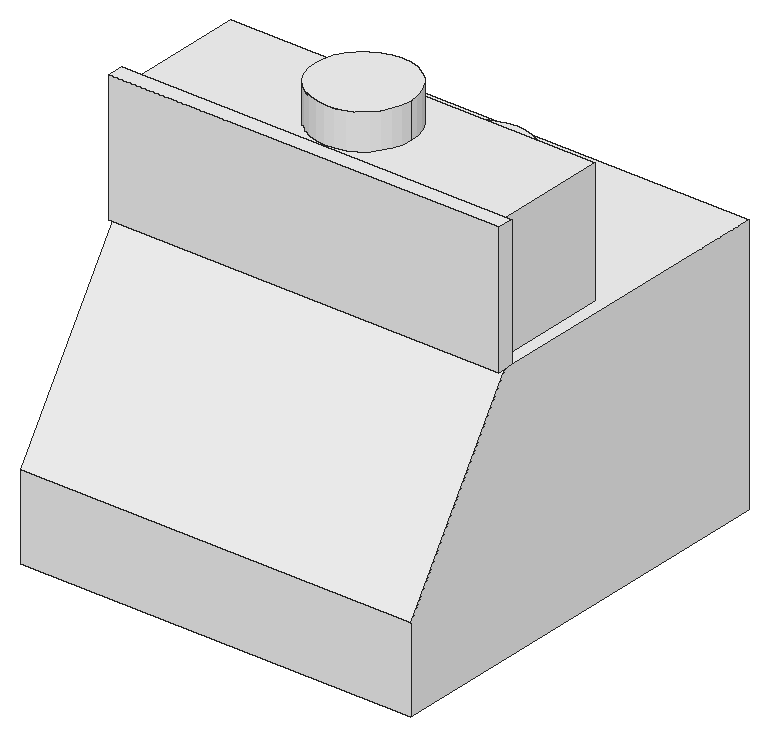
Revit family "レンジフードファン(ブース形自然給気タイプ)_6", category 機械設備, Revit 2019
Family settings
  丸型コネクタ寸法 = 直径を使用
  パーツ タイプ = 標準
  OmniClass 番号 = 23.75.35.17.27
  OmniClass タイトル = Centrifugal Fans
  作業面ベース = いいえ
  常に垂直 = はい
  ロード時にボイドで切り取り = いいえ
  共有 = いいえ
  部屋計算ポイント = いいえ
Parameters (values of type "V-604KQ9")
  騒音レベル(dB(A)) = 39
  風量 = 575.0 m³/h
  電源種別 [instance] = ""
  電圧 = 100 V
  電動機出力 = 0 W
  電動機_種別 = ""
  集中コントローラ = ""
  運転質量 = 0.00 kg
  連動 [instance] = ""
  質量 = if(製品質量 > 運転質量, 製品質量, 運転質量) * 1.2  # 23.40 kg
  負荷分類 = 3_ファン類
  説明 = "レンジフードファン 深形 自然給気タイプ"
  設計風量 = 0.0 m³/h
  設置方法 = "天吊"
  記号 [instance] = ""
  製造元 = "三菱電機株式会社"
  製品質量 = 19.50 kg
  製品出荷対象 = "国内"
  製品リリース年月 = "2022年6月1日"
  製品グループ = ""
  系統 [instance] = ""
  符号 = if(☑給気／□排気, "FS", "FE")  # "FE"
  積算_科目 = "2 換気設備"
  積算_拾い区分 [instance] = ""
  相 = 1
  盤記号 [instance] = ""
  発停方法 [instance] = ""
  特殊仕様 [instance] = ""
  火災停止 [instance] = ""
  消費電力 = 88 W
  法定耐用年数 = "15"
  機外静圧_排気 = 210.0 Pa
  機外静圧 = 0.0 Pa
  極数 = 2
  材質 [instance] = ""
  操作・制御方式 = ""
  操作・制御スイッチ = ""
  排気量 = 0.0 m³/h
  形式 = "片吸込形"
  幹線記号 [instance] = ""
  対象室 [instance] = ""
  実風量 = 0.0 m³/h
  始動方式 [instance] = "直入"
  天吊用穴_ピッチ = 480 mm
  天吊用穴_D = 255 mm
  外気量 = 0.0 m³/h
  呼称 = "遠心送風機"
  周波数 = 60 Hz
  参照している仕様書等のバージョン = ""
  分類コード = "50052503100060"
  分類グループ = ""
  価格 = 126600
  企業コード = "108420"
  付属品_フィルター_還気 = ""
  付属品_フィルター = ""
  付属品 [instance] = ""
  仕様書バージョン = "Version1.0"
  上幕板_左側面 = no
  上幕板_右側面 = no
  モデル = "V-604KQ9"
  マテリアル = 鋼板(白)
  ファンの種類 = ""
  ダクト径 = 150 mm
  コメント [instance] = ""
  Keynote = ""
  Assembly Code = ""
  ☑給気／□排気 = no
  Width = 600 mm
  W1 = Width / 2  # 300 mm
  Version = ""
  Uniclass2015Version = "Systems v1.9"
  Uniclass2015Title = "Centrifugal fans"
  Uniclass2015Code = "Pr_65_67_29_12"
  URL = "https://www.mitsubishielectric.co.jp/ldg/wink/ssl/displayProduct.do?pid=320915"
  SpecificationReference = ""
  SpecificationDescription = ""
  SAダクト接続口_左側面 = no
  SAダクト接続口_右後部 = no
  SAダクト接続口_右側面 = no
  SAサイズ_D = 148 mm
  Revision = ""
  ProductInformation = ""
  OmniClassCode = "23-33 31 19 13 15"
  H2 = 600 mm
  SAダクト接続口_左後部 = no
  MIN風量 = 225.0 m³/h
  MIN静圧 = 0.0 Pa
  MID風量 = 335.0 m³/h
  MID静圧 = 0.0 Pa
  MAX風量 = 575.0 m³/h
  MAX静圧 = 0.0 Pa
  IfcTypeProduct = ""
  IfcProduct = ""
  IfcExportType = "CENTRIFUGALFORWARDCURVED"
  IfcExportAs = "IfcFanType"
  Height = 400 mm
  H1 = 129 mm
  SAダクト接続口_上部 = yes
  EAサイズ_D = 148 mm
  Duct_Shutter_Width = 560 mm
  Duct_Shutter_Height = 190 mm
  Duct_Shutter_D = 270 mm
  Duct_SA_Pitch = 400 mm
  Duct_SA_D = 365 mm
  Duct_Height = 55 mm
  Duct_EA_D = 145 mm
  Duct_H = 500 mm
  Depth = 650 mm
  D3 = 160 mm
  D2 = 480 mm
  D1 = 469 mm
  Clearance Top = 0 mm
  Clearance Right = 0 mm
  Clearance Left = 0 mm
  Clearance Front = 0 mm
  Clearance Bottom = 0 mm
  Clearance Back = 0 mm
  Author = "三菱電機株式会社"
Types (3, lengths in mm): name | 騒音レベル(dB(A)) | 風量 | 質量 | 製品質量 | 消費電力 | 価格 | モデル | URL | H2 | MIN風量 | MID風量 | MAX風量
  V-604KQ9 | 39 | 575.0 m³/h | 23.40 kg | 19.50 kg | 88 W | 126600 | "V-604KQ9" | "https://www.mitsubishielectric.co.jp/ldg/wink/ssl/displayProduct.do?pid=320915" | 600 | 225.0 m³/h | 335.0 m³/h | 575.0 m³/h
  V-604KQ8-BL | 42 | 630.0 m³/h | 24.00 kg | 20.00 kg | 133 W | 122000 | "V-604KQ8-BL" | "https://www.mitsubishielectric.co.jp/ldg/wink/ssl/displayProduct.do?pid=320914" | 600 | 245.0 m³/h | 345.0 m³/h | 630.0 m³/h
  V-6047KQ8-BL | 42 | 630.0 m³/h | 24.00 kg | 20.00 kg | 133 W | 128700 | "V-6047KQ8-BL" | "https://www.mitsubishielectric.co.jp/ldg/wink/ssl/displayProduct.do?pid=320907" | 700 | 245.0 m³/h | 345.0 m³/h | 630.0 m³/h
Reference planes
  plane 1 "中心(正面/背面)": y = 0
  plane 2: z = 0
  plane 3 "中心(左/右)": x = 0
  plane 4: x = -300
  plane 5: x = 300
  plane 6: y = -650
  plane 7: z = -400
  plane 8: z = -271
  plane 9: y = -325
  plane 10: y = -469
  plane 11: y = -145
  plane 12: z = 200
  plane 13: y = -270
  plane 14: y = -480
  plane 15: x = 200
  plane 16: x = -200
  plane 17: z = 245
  plane 18: z = 100
  plane 19: y = -215
  plane 20: y = -365
  plane 21: z = 55
  plane 22: y = -255
  plane 23: x = -240
  plane 24: x = 240
  plane 25: x = -150
  plane 26: x = 150
  plane 27: y = -455
  plane 28: x = -280
  plane 29: x = 280
  plane 30: z = 190
  plane 31: y = -320
  plane 32: x = 335
  plane 33: x = -335
  plane 34: x = -285
  plane 35: x = 285
Forms (mm)
  Extrusion 1, solid, material "鋼板(白)" <- "マテリアル", detail levels fine
    sketch origin (0, 0, 0) x (1, 0, 0) y (0, 1, 0)
      loop
        line (-300, 0) -> (-300, -469) -> (300, -469) -> (300, 0) -> (-300, 0)
    from -400 to 0
  Blend 2, solid, material "鋼板(白)" <- "マテリアル", detail levels fine
    base sketch origin (0, 0, 0) x (1, 0, 0) y (0, 0, 1)
      loop
        line (-300, -400) -> (300, -400) -> (300, 0) -> (-300, 0) -> (-300, -400)
    top sketch origin (0, 0, 0) x (1, 0, 0) y (0, 0, 1)
      loop
        line (-300, -400) -> (300, -400) -> (300, -271) -> (-300, -271) -> (-300, -400)
    from 469 to 650
  Extrusion 3, solid, material "鋼板(白)" <- "マテリアル", detail levels fine
    sketch origin (0, 0, 0) x (1, 0, 0) y (0, 1, 0)
      loop
        circle (0, -145) r 74
    from 0 to 55
  Extrusion 4, solid, material "鋼板(白)" <- "マテリアル", detail levels fine
    sketch origin (0, 0, 0) x (1, 0, 0) y (0, 1, 0)
      loop
        line (-300, -455) -> (-300, -480) -> (300, -480) -> (300, -455) -> (-300, -455)
    from 0 to 200
  Extrusion 5, solid, material "鋼板(白)" <- "マテリアル", visible <- "SAダクト接続口_上部", detail levels fine
    sketch origin (0, 0, 0) x (1, 0, 0) y (0, 1, 0)
      loop
        circle (0, -365) r 74
    from 190 to 245
  Extrusion 6, solid, material "鋼板(白)" <- "マテリアル", visible <- "SAダクト接続口_左後部", detail levels fine
    sketch origin (0, 0, 0) x (1, 0, 0) y (0, 0, 1)
      loop
        circle (-200, 100) r 74
    from 215 to 270
  Extrusion 7, solid, material "鋼板(白)" <- "マテリアル", visible <- "SAダクト接続口_右後部", detail levels fine
    sketch origin (0, 0, 0) x (1, 0, 0) y (0, 0, 1)
      loop
        circle (200, 100) r 74
    from 215 to 270
  Extrusion 8, solid, material "鋼板(白)" <- "マテリアル"
    sketch origin (0, 0, 0) x (1, 0, 0) y (0, 1, 0)
      loop
        line (-280, -270) -> (-280, -455) -> (280, -455) -> (280, -270) -> (-280, -270)
    from 0 to 190
  Extrusion 9, solid, material "鋼板(白)" <- "マテリアル", visible <- "上幕板_左側面"
    sketch origin (0, 0, 0) x (1, 0, 0) y (0, 1, 0)
      loop
        line (-285, -455) -> (-285, -320) -> (-300, -320) -> (-300, -455) -> (-285, -455)
    from 0 to 200
  Extrusion 10, solid, material "鋼板(白)" <- "マテリアル", visible <- "上幕板_右側面"
    sketch origin (0, 0, 0) x (-1, 0, 0) y (0, -1, 0)
      loop
        line (-285, 455) -> (-300, 455) -> (-300, 320) -> (-285, 320) -> (-285, 455)
    from 0 to 200
  Extrusion 11, solid, material "鋼板(白)" <- "マテリアル", visible <- "SAダクト接続口_左側面"
    sketch origin (0, 0, 0) x (0, 1, 0) y (0, 0, 1)
      loop
        circle (-365, 100) r 74
    from -335 to -280
  Extrusion 12, solid, material "鋼板(白)" <- "マテリアル", visible <- "SAダクト接続口_右側面"
    sketch origin (0, 0, 0) x (0, 1, 0) y (0, 0, 1)
      loop
        circle (-365, 100) r 74
    from 280 to 335
Cuts and joins
  joined: Extrusion 1, Blend 2
Lines and regions (mm)
  Masking region 1, detail levels coarse+medium
    outline origin (1326.5, 29, 0) x (1, 0, 0) y (0, 1, 0)
      loop
        line (-1626.5, -29) -> (-1626.5, -679) -> (-1026.5, -679) -> (-1026.5, -29) -> (-1626.5, -29)
  symbolic lines, detail levels coarse+medium
    curve 1: circle (-150, -325, 0) r 150 normal (0, 0, 1)
    curve 2: circle (150, -325, 0) r 150 normal (0, 0, 1)
Dimensions and locks
  equal spacing: plane 4, plane 3 "中心(左/右)", plane 5
  "Width": plane 4 to plane 5
  equal spacing: plane 6, plane 9, plane 1 "中心(正面/背面)"
  "Depth": plane 1 "中心(正面/背面)" to plane 6
  "D1": plane 1 "中心(正面/背面)" to plane 10
  "Duct_EA_D": plane 1 "中心(正面/背面)" to plane 11
  "Height": level to plane 7
  "H1": plane 8 to plane 7
  "H2": plane 12 to plane 7
  "D2": plane 1 "中心(正面/背面)" to plane 14
  "Duct_Shutter_D": plane 1 "中心(正面/背面)" to plane 13
  "Duct_SA_D": plane 1 "中心(正面/背面)" to plane 20
  equal spacing: plane 16, plane 3 "中心(左/右)", plane 15
  "Duct_SA_Pitch": plane 16 to plane 15
  "Duct_Height": plane 19 to plane 13
  "Duct_Height": plane 21 to level
  "天吊用穴_D": plane 22 to plane 1 "中心(正面/背面)"
  equal spacing: plane 23, plane 3 "中心(左/右)", plane 24
  "天吊用穴_ピッチ": plane 23 to plane 24
  equal spacing: plane 4, plane 25, plane 3 "中心(左/右)"
  equal spacing: plane 3 "中心(左/右)", plane 26, plane 5
  locked: plane 27 to plane 14 at 25
  equal spacing: plane 28, plane 3 "中心(左/右)", plane 29
  "Duct_Shutter_Width": plane 28 to plane 29
  "Duct_Shutter_Height": plane 30 to level
  "D3": plane 31 to plane 14
  "Duct_H": plane 18 to plane 7
  "Duct_Height": plane 29 to plane 32
  "Duct_Height": plane 33 to plane 28
  "Duct_Height": plane 17 to plane 30
  locked: plane 4 to plane 34 at 15
  locked: plane 35 to plane 5 at 15
  "EAサイズ_D": diameter of Extrusion 6 sketch curve
  "SAサイズ_D": diameter of Extrusion 7 sketch curve
  "EAサイズ_D": diameter of Extrusion 3 sketch curve
  "SAサイズ_D": diameter of Extrusion 5 sketch curve
  "W1": diameter of curve 1
  "W1": diameter of curve 2
  "SAサイズ_D": diameter of Extrusion 11 sketch curve
  "SAサイズ_D": diameter of Extrusion 12 sketch curve
  aligned and locked: level to plane 2
  aligned and locked: Masking region 1 to plane 4
  aligned and locked: plane 5 to Masking region 1
  aligned and locked: Masking region 1 to plane 6
  aligned and locked: Masking region 1 to plane 1 "中心(正面/背面)"
  aligned and locked: plane 1 "中心(正面/背面)" to Extrusion 1 sketch curve
  aligned and locked: plane 4 to Extrusion 1 sketch curve
  aligned and locked: plane 10 to Extrusion 1 sketch curve
  aligned and locked: Extrusion 1 sketch curve to plane 5
  aligned and locked: Blend 2 sketch curve to plane 7  (x2)
  aligned and locked: level to Blend 2 sketch curve
  aligned and locked: Blend 2 sketch curve to plane 5
  aligned and locked: Blend 2 sketch curve to plane 4
  aligned and locked: var sketch to Blend 2 sketch curve
  aligned and locked: Extrusion 1 to plane 7
  aligned and locked: level to Extrusion 1
  aligned and locked: Blend 2 to plane 6
  aligned and locked: plane 10 to Blend 2
  aligned and locked: plane 8 to Blend 2 sketch curve
  aligned and locked: plane 4 to Extrusion 4 sketch curve
  aligned and locked: plane 14 to Extrusion 4 sketch curve
  aligned and locked: Extrusion 4 sketch curve to plane 5
  aligned and locked: plane 12 to Extrusion 4
  aligned and locked: Extrusion 4 to level
  aligned and locked: plane 17 to Extrusion 5
  aligned and locked: plane 19 to Extrusion 6
  aligned and locked: plane 19 to Extrusion 7
  aligned and locked: Extrusion 6 to plane 13
  aligned and locked: Extrusion 7 to plane 13
  aligned and locked: Extrusion 3 to level
  aligned and locked: plane 21 to Extrusion 3
  aligned and locked: nested 1 to plane 22
  aligned and locked: plane 23 to nested 1
  aligned and locked: plane 24 to nested 1
  aligned and locked: Extrusion 4 sketch curve to plane 27
  aligned and locked: Extrusion 8 sketch curve to plane 13
  aligned and locked: plane 29 to Extrusion 8
  aligned and locked: Extrusion 8 to plane 28
  aligned and locked: Extrusion 8 to plane 27
  aligned and locked: plane 30 to Extrusion 8
  aligned and locked: Extrusion 8 to level
  aligned and locked: Extrusion 9 sketch curve to plane 31
  aligned and locked: plane 27 to Extrusion 9 sketch curve
  aligned and locked: plane 4 to Extrusion 9 sketch curve
  aligned and locked: plane 5 to Extrusion 10 sketch curve
  aligned and locked: plane 31 to Extrusion 10 sketch curve
  aligned and locked: Extrusion 10 sketch curve to plane 27
  aligned and locked: plane 12 to Extrusion 10
  aligned and locked: Extrusion 10 to level
  aligned and locked: plane 12 to Extrusion 9
  aligned and locked: Extrusion 9 to level
  aligned and locked: plane 32 to Extrusion 12
  aligned and locked: Extrusion 12 to plane 29
  aligned and locked: plane 33 to Extrusion 11
  aligned and locked: plane 28 to Extrusion 11
  aligned and locked: Extrusion 5 to plane 30
  aligned and locked: Extrusion 9 sketch curve to plane 34
  aligned and locked: plane 35 to Extrusion 10 sketch curve
Automatic sketch dimensions
  curve 1 to plane 9 = 0 mm
  curve 1 to plane 25 = 0 mm
  curve 2 to plane 9 = 0 mm
  curve 2 to plane 26 = 0 mm
  Masking region 1 sketch curve to plane 4 = 0 mm
  Masking region 1 sketch curve to plane 5 = 0 mm
  Masking region 1 sketch curve to plane 6 = 0 mm
  plane 1 "中心(正面/背面)" to Masking region 1 sketch curve = 0 mm
  Blend 2 sketch curve to plane 4 = 0 mm
  Extrusion 3 sketch curve to plane 3 "中心(左/右)" = 0 mm
  Extrusion 3 sketch curve to plane 11 = 0 mm
  Extrusion 5 sketch curve to plane 3 "中心(左/右)" = 0 mm
  Extrusion 5 sketch curve to plane 20 = 0 mm
  Extrusion 6 sketch curve to plane 16 = 0 mm
  Extrusion 6 sketch curve to plane 18 = 0 mm
  Extrusion 7 sketch curve to plane 15 = 0 mm
  Extrusion 7 sketch curve to plane 18 = 0 mm
  Extrusion 8 sketch curve to plane 27 = 0 mm
  Extrusion 8 sketch curve to plane 28 = 0 mm
  Extrusion 8 sketch curve to plane 29 = 0 mm
  Extrusion 11 sketch curve to plane 18 = 0 mm
  Extrusion 11 sketch curve to plane 20 = 0 mm
  Extrusion 12 sketch curve to plane 18 = 0 mm
  Extrusion 12 sketch curve to plane 20 = 0 mm
Nested families
  nested 1: "固定点" at (-240, -255, 0), type "固定点"
    with W 480 mm, D 1000 mm
Connectors
  hvac at (0, -145, 55), driven by "ダクト径", driven by "機外静圧", driven by "風量"
    settings: on Extrusion 3, index 1, duct flow 575.0 m³/h, flow factor 0, pres drop 0.0 Pa, loss coef 0, conn angle 0.00°, conn width 304.8 mm, conn height 304.8 mm, conn diameter 150 mm, duct sys type 3, conn prof type 0, flow config 0, flow direction 2, loss method 4, conn ref index -1, conn util no, is conn primary yes, conn desc ""
  electrical at (0, -234.5, 0), driven by "極数", driven by "負荷分類", driven by "電圧", driven by "消費電力"
    settings: on cut or joined group of Extrusion 1, Blend 2, index 2, voltage 100 V, apparent load 88 VA, apparent load phase1 0 VA, apparent load phase2 0 VA, apparent load phase3 0 VA, power factor 1, load classification "3_ファン類", number of poles 2, system type 30, power factor state 1, is connector primary yes, connector utility no, sub classification motor no, connector description ""
  hvac at (0, -365, 245), driven by "ダクト径", driven by "機外静圧", driven by "風量"
    settings: on Extrusion 5, index 3, duct flow 575.0 m³/h, flow factor 0, pres drop 0.0 Pa, loss coef 0, conn angle 0.00°, conn width 304.8 mm, conn height 304.8 mm, conn diameter 150 mm, duct sys type 1, conn prof type 0, flow config 0, flow direction 1, loss method 4, conn ref index -1, conn util no, is conn primary no, conn desc ""
  hvac at (200, -215, 100), driven by "機外静圧", driven by "風量", driven by "ダクト径"
    settings: on Extrusion 7, index 4, duct flow 575.0 m³/h, flow factor 0, pres drop 0.0 Pa, loss coef 0, conn angle 0.00°, conn width 304.8 mm, conn height 304.8 mm, conn diameter 150 mm, duct sys type 1, conn prof type 0, flow config 0, flow direction 1, loss method 4, conn ref index -1, conn util no, is conn primary no, conn desc ""
  hvac at (-200, -215, 100), driven by "機外静圧", driven by "風量", driven by "ダクト径"
    settings: on Extrusion 6, index 5, duct flow 575.0 m³/h, flow factor 0, pres drop 0.0 Pa, loss coef 0, conn angle 0.00°, conn width 304.8 mm, conn height 304.8 mm, conn diameter 150 mm, duct sys type 1, conn prof type 0, flow config 0, flow direction 1, loss method 4, conn ref index -1, conn util no, is conn primary no, conn desc ""
  hvac at (335, -365, 100), driven by "ダクト径", driven by "機外静圧", driven by "風量"
    settings: on Extrusion 12, index 6, duct flow 575.0 m³/h, flow factor 0, pres drop 0.0 Pa, loss coef 0, conn angle 0.00°, conn width 304.8 mm, conn height 304.8 mm, conn diameter 150 mm, duct sys type 1, conn prof type 0, flow config 0, flow direction 1, loss method 4, conn ref index -1, conn util no, is conn primary no, conn desc ""
  hvac at (-335, -365, 100), driven by "ダクト径", driven by "機外静圧", driven by "風量"
    settings: on Extrusion 11, index 7, duct flow 575.0 m³/h, flow factor 0, pres drop 0.0 Pa, loss coef 0, conn angle 0.00°, conn width 304.8 mm, conn height 304.8 mm, conn diameter 150 mm, duct sys type 1, conn prof type 0, flow config 0, flow direction 1, loss method 4, conn ref index -1, conn util no, is conn primary no, conn desc ""
Definition of nested family "固定点"
  Parameters (values of type "固定点")
    中心円 = 20 mm
    W [instance] = 1000 mm
    D [instance] = 1000 mm
  Reference planes
    plane 1 "中心(正面/背面)": y = 0
    plane 2: z = 0
    plane 3 "中心(左/右)": x = 0
    plane 4: x = 1000
  Lines and regions (mm)
    symbolic lines, detail levels fine
      curve 1: circle (0, 0, 0) r 10 normal (0, 0, 1)
      curve 2: circle (1000, 0, 0) r 10 normal (0, 0, 1)
      curve 3: line (-200, 0, 0) -> (1200, 0, 0)
      curve 4: line (0, 200, 0) -> (0, -200, 0)
      curve 5: line (1000, 200, 0) -> (1000, -200, 0)
  Dimensions and locks
    "W": plane 3 "中心(左/右)" to plane 4
    "中心円": diameter of curve 1
    "中心円": diameter of curve 2
    aligned and locked: level to plane 2
    aligned and locked: plane 3 "中心(左/右)" to curve 1
    aligned and locked: plane 1 "中心(正面/背面)" to curve 1
    aligned and locked: plane 1 "中心(正面/背面)" to curve 2
    aligned and locked: plane 4 to curve 2
    aligned and locked: plane 1 "中心(正面/背面)" to curve 3
    aligned and locked: curve 4 to plane 3 "中心(左/右)"
    aligned and locked: curve 5 to plane 4
  Automatic sketch dimensions
    curve 3 to plane 3 "中心(左/右)" = 200 mm
    curve 2 to curve 3 = 200 mm
    plane 1 "中心(正面/背面)" to curve 4 = 200 mm
    plane 1 "中心(正面/背面)" to curve 5 = 200 mm
    curve 5 to plane 1 "中心(正面/背面)" = 200 mm
    curve 4 to plane 1 "中心(正面/背面)" = 200 mm
